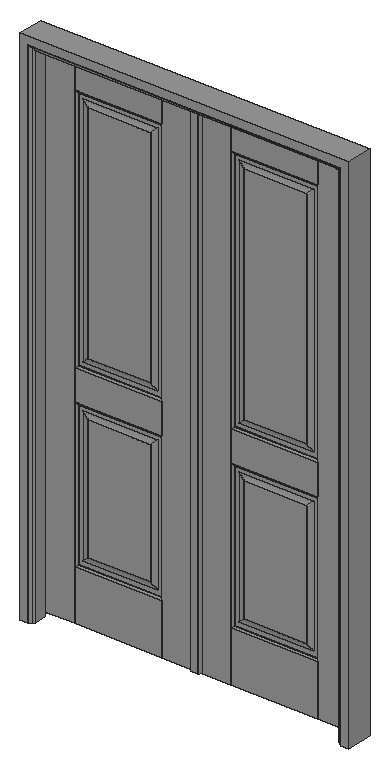
Revit family "I2P 610 HEAVY", category Doors, host Wall, Revit 2013
Parameters (values of type "I2P 610 HEAVY")
  Function = Interior
  Frame Projection Ext. = 25 mm
  Frame Projection Int. = 25 mm
  Frame Width = 75 mm
  Height = 2090 mm
  Wall Closure = By host
  Width = 1306 mm
Reference planes
  plane 1: y = 0
  plane 2 "Center (Left/Right)": x = 0
  plane 3 "Left": x = -653
  plane 4 "Right": x = 653
  plane 5: z = 2090
  plane 6 "Exterior": y = 75
  plane 7 "Interior": y = -75
Forms (mm)
  Sweep 1, solid, material "Lauan, Meranti"
    path origin (0, 75, 0) x (1, 0, 0) y (0, 0, 1)
      loop
        line (653, 0) -> (653, 2090) -> (-653, 2090) -> (-653, 0)
    profile "Van Acht 105x50 Door Frame Routed Profile (Heavy) : Van Acht 105x50 Door Frame Routed Profile (Heavy)" origin (653, 75, 1045) x (-1, 0, 0) y (0, -1, 0)
      loop
        line (0, 22.5) -> (38, 22.5) -> (38, 67.5) -> (50, 67.5) -> (50, 112.5)
        arc (50, 112.5) -> (44.957, 114.29) -> (42.17, 118.859) r 8
        line (42.17, 118.859) -> (39, 118.859)
        arc (39, 118.859) -> (35.311, 122.973) -> (30, 124.5) r 10
        line (30, 124.5) -> (30, 127.5) -> (0, 127.5) -> (0, 22.5)
  Extrusion 2, solid, material "Lauan, Meranti"
    sketch origin (0, 0, 0) x (1, 0, 0) y (0, 1, 0)
      loop
        line (-12, -2.5) -> (12, -2.5) -> (12, -0.5)
        arc (12, -0.5) -> (17.657, 1.843) -> (20, 7.5) r 8
        line (20, 7.5) -> (5, 7.5) -> (5, 39.5)
        spline (5, 39.5) -> (4.83, 42.088) -> (4.33, 44.5) -> (3.536, 46.571) -> (2.5, 48.16) -> (1.294, 49.159) -> (0, 49.5) -> (-1.294, 49.159) -> (-2.5, 48.16) -> (-3.536, 46.571) -> (-4.33, 44.5) -> (-4.83, 42.088) -> (-5, 39.5)
        line (-5, 39.5) -> (-5, 7.5) -> (-20, 7.5)
        arc (-20, 7.5) -> (-17.657, 1.843) -> (-12, -0.5) r 8
        line (-12, -0.5) -> (-12, -2.5)
    from 20 to 2040
  Extrusion 3, solid, material "Lauan, Meranti"
    sketch origin (0, 0, 1802) x (1, 0, 0) y (0, 1, 0)
      loop
        spline (5, 39.5) -> (4.83, 42.088) -> (4.33, 44.5) -> (3.536, 46.571) -> (2.5, 48.16) -> (1.294, 49.159) -> (0, 49.5) -> (-1.294, 49.159) -> (-2.5, 48.16) -> (-3.536, 46.571) -> (-4.33, 44.5) -> (-4.83, 42.088) -> (-5, 39.5)
        line (-5, 39.5) -> (-5, 7.5) -> (5, 7.5) -> (5, 39.5)
    from 238 to 250
  Extrusion 4, solid, material "Lauan, Meranti"
    sketch origin (-208.5, -85, 0) x (0, 1, 0) y (0, 0, 1)
      loop
        line (132.5, 20) -> (132.5, 221) -> (130.5, 221)
        arc (130.5, 221) -> (128.866, 225.67) -> (124.5, 228) r 6.807
        line (124.5, 228) -> (124.5, 230) -> (122.5, 230) -> (122.5, 215) -> (102.5, 215) -> (102.5, 230) -> (100.5, 230) -> (100.5, 228)
        arc (100.5, 228) -> (96.134, 225.67) -> (94.5, 221) r 6.807
        line (94.5, 221) -> (92.5, 221) -> (92.5, 20) -> (132.5, 20)
      loop
        line (132.5, 809) -> (132.5, 931) -> (130.5, 931)
        arc (130.5, 931) -> (128.866, 935.67) -> (124.5, 938) r 6.807
        line (124.5, 938) -> (124.5, 940) -> (122.5, 940) -> (122.5, 925) -> (102.5, 925) -> (102.5, 940) -> (100.5, 940) -> (100.5, 938)
        arc (100.5, 938) -> (96.134, 935.67) -> (94.5, 931) r 6.807
        line (94.5, 931) -> (92.5, 931) -> (92.5, 809) -> (94.5, 809)
        arc (94.5, 809) -> (96.134, 804.33) -> (100.5, 802) r 6.807
        line (100.5, 802) -> (100.5, 800) -> (102.5, 800) -> (102.5, 815) -> (122.5, 815) -> (122.5, 800) -> (124.5, 800) -> (124.5, 802)
        arc (124.5, 802) -> (128.866, 804.33) -> (130.5, 809) r 6.807
        line (130.5, 809) -> (132.5, 809)
      loop
        line (130.5, 1921) -> (132.5, 1921) -> (132.5, 2052) -> (92.5, 2052) -> (92.5, 1921) -> (94.5, 1921)
        arc (94.5, 1921) -> (96.134, 1916.33) -> (100.5, 1914) r 6.807
        line (100.5, 1914) -> (100.5, 1912) -> (102.5, 1912) -> (102.5, 1927) -> (122.5, 1927) -> (122.5, 1912) -> (124.5, 1912) -> (124.5, 1914)
        arc (124.5, 1914) -> (128.866, 1916.33) -> (130.5, 1921) r 6.807
    from -275.5 to 72.5
  Extrusion 5, solid, material "Lauan, Meranti"
    sketch origin (-208.5, 0, 0) x (1, 0, 0) y (0, 1, 0)
      loop
        line (-406.5, 47.5) -> (-406.5, 7.5) -> (-275.5, 7.5) -> (-275.5, 9.5)
        arc (-275.5, 9.5) -> (-270.765, 11.06) -> (-268.5, 15.5) r 6.549
        line (-268.5, 15.5) -> (-266.5, 15.5) -> (-266.5, 17.5) -> (-281.5, 17.5) -> (-281.5, 37.5) -> (-266.5, 37.5) -> (-266.5, 39.5) -> (-268.5, 39.5)
        arc (-268.5, 39.5) -> (-270.765, 43.94) -> (-275.5, 45.5) r 6.549
        line (-275.5, 45.5) -> (-275.5, 47.5) -> (-406.5, 47.5)
      loop
        line (203.5, 47.5) -> (72.5, 47.5) -> (72.5, 45.5)
        arc (72.5, 45.5) -> (67.765, 43.94) -> (65.5, 39.5) r 6.549
        line (65.5, 39.5) -> (63.5, 39.5) -> (63.5, 37.5) -> (78.5, 37.5) -> (78.5, 17.5) -> (63.5, 17.5) -> (63.5, 15.5) -> (65.5, 15.5)
        arc (65.5, 15.5) -> (67.765, 11.06) -> (72.5, 9.5) r 6.549
        line (72.5, 9.5) -> (72.5, 7.5) -> (203.5, 7.5) -> (203.5, 47.5)
    from 20 to 2052
  Sweep 6, solid, material "Lauan, Meranti"
    path origin (-208.5, 75, 0) x (1, 0, 0) y (0, 0, 1)
      loop
        line (72.5, 1921) -> (-275.5, 1921) -> (-275.5, 931) -> (72.5, 931) -> (72.5, 1921)
    profile origin (-310, 75, 1921) x (0, 0, -1) y (0, -1, 0)
      loop
        line (-4.5, 57.5) -> (-4.5, 37.5) -> (25.727, 37.5)
        arc (25.727, 37.5) -> (37.468, 35.847) -> (48.5, 31.5) r 50.456
        line (48.5, 31.5) -> (48.5, 63.5)
        arc (48.5, 63.5) -> (37.468, 59.153) -> (25.727, 57.5) r 50.456
        line (25.727, 57.5) -> (-4.5, 57.5)
  Sweep 7, solid, material "Lauan, Meranti"
    path origin (-208.5, 75, 0) x (1, 0, 0) y (0, 0, 1)
      loop
        line (72.5, 809) -> (-275.5, 809) -> (-275.5, 221) -> (72.5, 221) -> (72.5, 809)
    profile origin (-310, 75, 809) x (0, 0, -1) y (0, -1, 0)
      loop
        line (-4.5, 57.5) -> (-4.5, 37.5) -> (25.727, 37.5)
        arc (25.727, 37.5) -> (37.468, 35.847) -> (48.5, 31.5) r 50.456
        line (48.5, 31.5) -> (48.5, 63.5)
        arc (48.5, 63.5) -> (37.468, 59.153) -> (25.727, 57.5) r 50.456
        line (25.727, 57.5) -> (-4.5, 57.5)
  Extrusion 8, solid, material "Lauan, Meranti"
    sketch origin (-208.5, 75, 0) x (1, 0, 0) y (0, 0, 1)
      loop
        line (24, 760.5) -> (-227, 760.5) -> (-227, 269.5) -> (24, 269.5) -> (24, 760.5)
    from 31.5 to 63.5
  Extrusion 9, solid, material "Lauan, Meranti"
    sketch origin (-208.5, 75, 715) x (1, 0, 0) y (0, 0, 1)
      loop
        line (24, 1157.5) -> (-227, 1157.5) -> (-227, 264.5) -> (24, 264.5) -> (24, 1157.5)
    from 31.5 to 63.5
  Extrusion 10, solid, material "Lauan, Meranti"
    sketch origin (411.5, -85, 0) x (0, 1, 0) y (0, 0, 1)
      loop
        line (132.5, 20) -> (132.5, 221) -> (130.5, 221)
        arc (130.5, 221) -> (128.866, 225.67) -> (124.5, 228) r 6.807
        line (124.5, 228) -> (124.5, 230) -> (122.5, 230) -> (122.5, 215) -> (102.5, 215) -> (102.5, 230) -> (100.5, 230) -> (100.5, 228)
        arc (100.5, 228) -> (96.134, 225.67) -> (94.5, 221) r 6.807
        line (94.5, 221) -> (92.5, 221) -> (92.5, 20) -> (132.5, 20)
      loop
        line (132.5, 809) -> (132.5, 931) -> (130.5, 931)
        arc (130.5, 931) -> (128.866, 935.67) -> (124.5, 938) r 6.807
        line (124.5, 938) -> (124.5, 940) -> (122.5, 940) -> (122.5, 925) -> (102.5, 925) -> (102.5, 940) -> (100.5, 940) -> (100.5, 938)
        arc (100.5, 938) -> (96.134, 935.67) -> (94.5, 931) r 6.807
        line (94.5, 931) -> (92.5, 931) -> (92.5, 809) -> (94.5, 809)
        arc (94.5, 809) -> (96.134, 804.33) -> (100.5, 802) r 6.807
        line (100.5, 802) -> (100.5, 800) -> (102.5, 800) -> (102.5, 815) -> (122.5, 815) -> (122.5, 800) -> (124.5, 800) -> (124.5, 802)
        arc (124.5, 802) -> (128.866, 804.33) -> (130.5, 809) r 6.807
        line (130.5, 809) -> (132.5, 809)
      loop
        line (130.5, 1921) -> (132.5, 1921) -> (132.5, 2052) -> (92.5, 2052) -> (92.5, 1921) -> (94.5, 1921)
        arc (94.5, 1921) -> (96.134, 1916.33) -> (100.5, 1914) r 6.807
        line (100.5, 1914) -> (100.5, 1912) -> (102.5, 1912) -> (102.5, 1927) -> (122.5, 1927) -> (122.5, 1912) -> (124.5, 1912) -> (124.5, 1914)
        arc (124.5, 1914) -> (128.866, 1916.33) -> (130.5, 1921) r 6.807
    from -275.5 to 72.5
  Extrusion 11, solid, material "Lauan, Meranti"
    sketch origin (411.5, 0, 0) x (1, 0, 0) y (0, 1, 0)
      loop
        line (-406.5, 47.5) -> (-406.5, 7.5) -> (-275.5, 7.5) -> (-275.5, 9.5)
        arc (-275.5, 9.5) -> (-270.765, 11.06) -> (-268.5, 15.5) r 6.549
        line (-268.5, 15.5) -> (-266.5, 15.5) -> (-266.5, 17.5) -> (-281.5, 17.5) -> (-281.5, 37.5) -> (-266.5, 37.5) -> (-266.5, 39.5) -> (-268.5, 39.5)
        arc (-268.5, 39.5) -> (-270.765, 43.94) -> (-275.5, 45.5) r 6.549
        line (-275.5, 45.5) -> (-275.5, 47.5) -> (-406.5, 47.5)
      loop
        line (203.5, 47.5) -> (72.5, 47.5) -> (72.5, 45.5)
        arc (72.5, 45.5) -> (67.765, 43.94) -> (65.5, 39.5) r 6.549
        line (65.5, 39.5) -> (63.5, 39.5) -> (63.5, 37.5) -> (78.5, 37.5) -> (78.5, 17.5) -> (63.5, 17.5) -> (63.5, 15.5) -> (65.5, 15.5)
        arc (65.5, 15.5) -> (67.765, 11.06) -> (72.5, 9.5) r 6.549
        line (72.5, 9.5) -> (72.5, 7.5) -> (203.5, 7.5) -> (203.5, 47.5)
    from 20 to 2052
  Sweep 12, solid, material "Lauan, Meranti"
    path origin (411.5, 75, 0) x (1, 0, 0) y (0, 0, 1)
      loop
        line (72.5, 1921) -> (-275.5, 1921) -> (-275.5, 931) -> (72.5, 931) -> (72.5, 1921)
    profile origin (310, 75, 1921) x (0, 0, -1) y (0, -1, 0)
      loop
        line (-4.5, 57.5) -> (-4.5, 37.5) -> (25.727, 37.5)
        arc (25.727, 37.5) -> (37.468, 35.847) -> (48.5, 31.5) r 50.456
        line (48.5, 31.5) -> (48.5, 63.5)
        arc (48.5, 63.5) -> (37.468, 59.153) -> (25.727, 57.5) r 50.456
        line (25.727, 57.5) -> (-4.5, 57.5)
  Sweep 13, solid, material "Lauan, Meranti"
    path origin (411.5, 75, 0) x (1, 0, 0) y (0, 0, 1)
      loop
        line (72.5, 809) -> (-275.5, 809) -> (-275.5, 221) -> (72.5, 221) -> (72.5, 809)
    profile origin (310, 75, 809) x (0, 0, -1) y (0, -1, 0)
      loop
        line (-4.5, 57.5) -> (-4.5, 37.5) -> (25.727, 37.5)
        arc (25.727, 37.5) -> (37.468, 35.847) -> (48.5, 31.5) r 50.456
        line (48.5, 31.5) -> (48.5, 63.5)
        arc (48.5, 63.5) -> (37.468, 59.153) -> (25.727, 57.5) r 50.456
        line (25.727, 57.5) -> (-4.5, 57.5)
  Extrusion 14, solid, material "Lauan, Meranti"
    sketch origin (411.5, 75, 0) x (1, 0, 0) y (0, 0, 1)
      loop
        line (24, 760.5) -> (-227, 760.5) -> (-227, 269.5) -> (24, 269.5) -> (24, 760.5)
    from 31.5 to 63.5
  Extrusion 15, solid, material "Lauan, Meranti"
    sketch origin (411.5, 75, 715) x (1, 0, 0) y (0, 0, 1)
      loop
        line (24, 1157.5) -> (-227, 1157.5) -> (-227, 264.5) -> (24, 264.5) -> (24, 1157.5)
    from 31.5 to 63.5
Cuts and joins
  joined: Extrusion 2, Extrusion 3
Lines and regions (mm)
  Opening 1
    outline origin (-3050, -75, 0) x (1, 0, 0) y (0, 0, 1)
      loop
        line (2397, 0) -> (3703, 0) -> (3703, 2090) -> (2397, 2090) -> (2397, 0)
  symbolic lines, style "Elevation Swing"
    curve 1: line (0, -75, 1045) -> (-653, -75, 2090)
    curve 2: line (0, -75, 1045) -> (-653, -75, 0)
    curve 3: line (0, -75, 1045) -> (653, -75, 2090)
    curve 4: line (0, -75, 1045) -> (653, -75, 0)
  model lines
    curve 5: line (615, 52.5, 0) -> (615, 662.5, 0)
    curve 6: line (-615, 47.5, 0) -> (-615, 657.5, 0)
    curve 7: arc (-615, 657.5, 0) -> (-183.665, 478.835, 0) -> (-5, 47.5, 0) r 610
    curve 8: arc (615, 657.5, 0) -> (183.665, 478.835, 0) -> (5, 47.5, 0) r 610
Text (mm)
  text "Exterior" at (-2295.016, 1099.543, 0), in view "Ref. Level"
  text "Exterior" at (0, 1615.38, 3698.081), in view "Left"
  text "Exterior" at (0, 1036.032, 3874.932), in view "Right"
Dimensions and locks
  equal spacing: plane 3 "Left", plane 2 "Center (Left/Right)", plane 4 "Right"
  "Width": plane 3 "Left" to plane 4 "Right"
  "Height": plane 5 to host wall
  equal spacing: host wall, curve 2, plane 5
  host wall to plane 5 = 2090 mm
  locked: plane 6 "Exterior" to host wall at 0
  locked: plane 7 "Interior" to host wall
  plane 3 "Left" to plane 4 "Right" = 1306 mm  (x2)
  aligned and locked: plane 3 "Left" to Opening 1 sketch curve
  aligned and locked: plane 5 to Opening 1 sketch curve  (x2)
  aligned and locked: Opening 1 sketch curve to plane 4 "Right"
  aligned and locked: Opening 1 sketch curve to level
  aligned and locked: plane 5 to curve 1
  aligned and locked: plane 3 "Left" to curve 2
  aligned and locked: plane 1 to host wall
  aligned and locked: plane 3 "Left" to curve 1
Automatic sketch dimensions
  curve 2 to plane 2 "Center (Left/Right)" = 0 mm
  curve 2 to level = 0 mm
  plane 3 "Left" to Sweep 1 sketch curve = 0 mm
  plane 4 "Right" to Sweep 1 sketch curve = 0 mm
  Sweep 1 sketch curve to plane 5 = 0 mm
  Sweep 1 sketch curve to level = 0 mm  (x2)
  curve 4 to plane 2 "Center (Left/Right)" = 0 mm
  level to curve 4 = 1045 mm
  curve 4 to level = 0 mm
  plane 4 "Right" to curve 4 = 0 mm
  plane 4 "Right" to curve 3 = 0 mm
  curve 3 to plane 5 = 0 mm
  curve 6 to plane 3 "Left" = 38 mm
  host wall to curve 6 = 582.5 mm
  curve 7 to plane 2 "Center (Left/Right)" = 5 mm
  plane 2 "Center (Left/Right)" to curve 8 = 5 mm
  plane 4 "Right" to curve 8 = 38 mm
  curve 6 to curve 7 = 0 mm
  curve 8 to host wall = 27.5 mm
  curve 8 to curve 5 = 5 mm  (x2)
  Extrusion 2 sketch curve to host wall = 7.5 mm
  Extrusion 2 sketch curve to plane 2 "Center (Left/Right)" = 20 mm
  host wall to Extrusion 2 sketch curve = 2.5 mm
  Extrusion 2 sketch curve to plane 2 "Center (Left/Right)" = 0 mm
  host wall to Extrusion 2 sketch curve = 0.5 mm  (x2)
  Extrusion 2 sketch curve to Extrusion 2 sketch curve = 5 mm
  plane 2 "Center (Left/Right)" to Extrusion 2 sketch curve = 12 mm
  Extrusion 2 sketch curve to Extrusion 2 sketch curve = 8 mm
  Extrusion 2 sketch curve to Extrusion 2 sketch curve = 32 mm
  Extrusion 3 sketch curve to plane 2 "Center (Left/Right)" = 5 mm
  Extrusion 3 sketch curve to host wall = 7.5 mm
  Extrusion 3 sketch curve to plane 2 "Center (Left/Right)" = 0 mm
  Extrusion 3 sketch curve to Extrusion 3 sketch curve = 32 mm
  Extrusion 4 sketch curve to host wall = 7.5 mm  (x3)
  level to Extrusion 4 sketch curve = 20 mm
  Extrusion 4 sketch curve to Extrusion 4 sketch curve = 2 mm  (x22)
  Extrusion 4 sketch curve to Extrusion 4 sketch curve = 6 mm  (x12)
  Extrusion 4 sketch curve to Extrusion 4 sketch curve = 20 mm  (x4)
  Extrusion 4 sketch curve to host wall = 27.5 mm
  Extrusion 4 sketch curve to Extrusion 4 sketch curve = 1.197 mm  (x8)
  Extrusion 4 sketch curve to Extrusion 4 sketch curve = 195 mm
  Extrusion 4 sketch curve to Extrusion 4 sketch curve = 7 mm  (x8)
  Extrusion 4 sketch curve to Extrusion 4 sketch curve = 570 mm
  Extrusion 4 sketch curve to Extrusion 4 sketch curve = 0 mm  (x2)
  Extrusion 4 sketch curve to Extrusion 4 sketch curve = 6.241 mm  (x2)
  Extrusion 4 sketch curve to Extrusion 4 sketch curve = 110 mm
  plane 5 to Extrusion 4 sketch curve = 178 mm
  plane 5 to Extrusion 4 sketch curve = 38 mm
  Extrusion 5 sketch curve to host wall = 7.5 mm  (x2)
  Extrusion 5 sketch curve to plane 3 "Left" = 38 mm
  Extrusion 5 sketch curve to host wall = 37.5 mm  (x2)
  Extrusion 5 sketch curve to Extrusion 5 sketch curve = 125 mm
  Extrusion 5 sketch curve to Extrusion 5 sketch curve = 6 mm  (x7)
  Extrusion 5 sketch curve to Extrusion 5 sketch curve = 7 mm  (x4)
  Extrusion 5 sketch curve to Extrusion 5 sketch curve = 2 mm  (x11)
  Extrusion 5 sketch curve to plane 2 "Center (Left/Right)" = 145 mm
  Extrusion 5 sketch curve to Extrusion 5 sketch curve = 0 mm
  Extrusion 5 sketch curve to plane 2 "Center (Left/Right)" = 5 mm
  Extrusion 5 sketch curve to Extrusion 5 sketch curve = 0.473 mm  (x2)
  Extrusion 5 sketch curve to Extrusion 5 sketch curve = 6.527 mm  (x2)
  Extrusion 5 sketch curve to Extrusion 5 sketch curve = 1.468 mm
  Sweep 6 sketch curve to plane 3 "Left" = 169 mm
  Sweep 6 sketch curve to plane 2 "Center (Left/Right)" = 136 mm
  level to Sweep 6 sketch curve = 931 mm
  plane 5 to Sweep 6 sketch curve = 169 mm
  profile plane to Sweep 6 sketch curve = 4.5 mm
  profile plane to Sweep 6 sketch curve = 31.5 mm
  Sweep 6 sketch curve to profile plane = 25.727 mm
  Sweep 6 sketch curve to Sweep 6 sketch curve = 0 mm
  Sweep 6 sketch curve to Sweep 6 sketch curve = 22.773 mm
  Sweep 6 sketch curve to profile plane = 24.613 mm  (x2)
  Sweep 6 sketch curve to Sweep 6 sketch curve = 6 mm  (x2)
  Sweep 6 sketch curve to Sweep 6 sketch curve = 20 mm
  Sweep 7 sketch curve to plane 3 "Left" = 169 mm
  level to Sweep 7 sketch curve = 221 mm
  Sweep 7 sketch curve to plane 2 "Center (Left/Right)" = 136 mm
  Sweep 7 sketch curve to Sweep 7 sketch curve = 588 mm
  profile plane to Sweep 7 sketch curve = 4.5 mm
  profile plane to Sweep 7 sketch curve = 31.5 mm
  Sweep 7 sketch curve to profile plane = 25.727 mm
  Sweep 7 sketch curve to Sweep 7 sketch curve = 0 mm
  Sweep 7 sketch curve to Sweep 7 sketch curve = 22.773 mm
  Sweep 7 sketch curve to profile plane = 24.613 mm  (x2)
  profile plane to Sweep 7 sketch curve = 37.5 mm
  Sweep 7 sketch curve to Sweep 7 sketch curve = 20 mm
  Sweep 7 sketch curve to Sweep 7 sketch curve = 6 mm
  Extrusion 8 sketch curve to plane 3 "Left" = 217.5 mm
  level to Extrusion 8 sketch curve = 269.5 mm
  Extrusion 8 sketch curve to plane 2 "Center (Left/Right)" = 184.5 mm
  Extrusion 8 sketch curve to Extrusion 8 sketch curve = 491 mm
  Extrusion 9 sketch curve to plane 3 "Left" = 217.5 mm
  Extrusion 9 sketch curve to plane 2 "Center (Left/Right)" = 184.5 mm
  level to Extrusion 9 sketch curve = 979.5 mm
  plane 5 to Extrusion 9 sketch curve = 217.5 mm
  Extrusion 10 sketch curve to host wall = 7.5 mm  (x3)
  level to Extrusion 10 sketch curve = 20 mm
  Extrusion 10 sketch curve to Extrusion 10 sketch curve = 2 mm  (x22)
  Extrusion 10 sketch curve to Extrusion 10 sketch curve = 6 mm  (x12)
  Extrusion 10 sketch curve to Extrusion 10 sketch curve = 20 mm  (x4)
  Extrusion 10 sketch curve to host wall = 27.5 mm
  Extrusion 10 sketch curve to Extrusion 10 sketch curve = 1.197 mm  (x8)
  Extrusion 10 sketch curve to Extrusion 10 sketch curve = 195 mm
  Extrusion 10 sketch curve to Extrusion 10 sketch curve = 7 mm  (x8)
  Extrusion 10 sketch curve to Extrusion 10 sketch curve = 570 mm
  Extrusion 10 sketch curve to Extrusion 10 sketch curve = 0 mm  (x2)
  Extrusion 10 sketch curve to Extrusion 10 sketch curve = 6.241 mm  (x2)
  Extrusion 10 sketch curve to Extrusion 10 sketch curve = 110 mm
  plane 5 to Extrusion 10 sketch curve = 178 mm
  plane 5 to Extrusion 10 sketch curve = 38 mm
  plane 2 "Center (Left/Right)" to Extrusion 11 sketch curve = 5 mm
  Extrusion 11 sketch curve to host wall = 7.5 mm  (x2)
  Extrusion 11 sketch curve to host wall = 37.5 mm  (x2)
  Extrusion 11 sketch curve to Extrusion 11 sketch curve = 125 mm
  Extrusion 11 sketch curve to Extrusion 11 sketch curve = 6 mm  (x7)
  Extrusion 11 sketch curve to Extrusion 11 sketch curve = 7 mm  (x4)
  Extrusion 11 sketch curve to Extrusion 11 sketch curve = 2 mm  (x11)
  plane 4 "Right" to Extrusion 11 sketch curve = 178 mm
  Extrusion 11 sketch curve to Extrusion 11 sketch curve = 0 mm
  plane 4 "Right" to Extrusion 11 sketch curve = 38 mm
  Extrusion 11 sketch curve to Extrusion 11 sketch curve = 0.473 mm  (x2)
  Extrusion 11 sketch curve to Extrusion 11 sketch curve = 6.527 mm  (x2)
  Extrusion 11 sketch curve to Extrusion 11 sketch curve = 1.468 mm
  plane 2 "Center (Left/Right)" to Sweep 12 sketch curve = 136 mm
  plane 4 "Right" to Sweep 12 sketch curve = 169 mm
  level to Sweep 12 sketch curve = 931 mm
  plane 5 to Sweep 12 sketch curve = 169 mm
  profile plane to Sweep 12 sketch curve = 4.5 mm
  profile plane to Sweep 12 sketch curve = 31.5 mm
  Sweep 12 sketch curve to profile plane = 25.727 mm
  Sweep 12 sketch curve to Sweep 12 sketch curve = 0 mm
  Sweep 12 sketch curve to Sweep 12 sketch curve = 22.773 mm
  Sweep 12 sketch curve to profile plane = 24.613 mm  (x2)
  Sweep 12 sketch curve to Sweep 12 sketch curve = 6 mm  (x2)
  Sweep 12 sketch curve to Sweep 12 sketch curve = 20 mm
  plane 2 "Center (Left/Right)" to Sweep 13 sketch curve = 136 mm
  level to Sweep 13 sketch curve = 221 mm
  plane 4 "Right" to Sweep 13 sketch curve = 169 mm
  Sweep 13 sketch curve to Sweep 13 sketch curve = 588 mm
  profile plane to Sweep 13 sketch curve = 4.5 mm
  profile plane to Sweep 13 sketch curve = 31.5 mm
  Sweep 13 sketch curve to profile plane = 25.727 mm
  Sweep 13 sketch curve to Sweep 13 sketch curve = 0 mm
  Sweep 13 sketch curve to Sweep 13 sketch curve = 22.773 mm
  Sweep 13 sketch curve to profile plane = 24.613 mm  (x2)
  profile plane to Sweep 13 sketch curve = 37.5 mm
  Sweep 13 sketch curve to Sweep 13 sketch curve = 20 mm
  Sweep 13 sketch curve to Sweep 13 sketch curve = 6 mm
  plane 2 "Center (Left/Right)" to Extrusion 14 sketch curve = 184.5 mm
  level to Extrusion 14 sketch curve = 269.5 mm
  plane 4 "Right" to Extrusion 14 sketch curve = 217.5 mm
  Extrusion 14 sketch curve to Extrusion 14 sketch curve = 491 mm
  plane 2 "Center (Left/Right)" to Extrusion 15 sketch curve = 184.5 mm
  plane 4 "Right" to Extrusion 15 sketch curve = 217.5 mm
  level to Extrusion 15 sketch curve = 979.5 mm
  plane 5 to Extrusion 15 sketch curve = 217.5 mm
